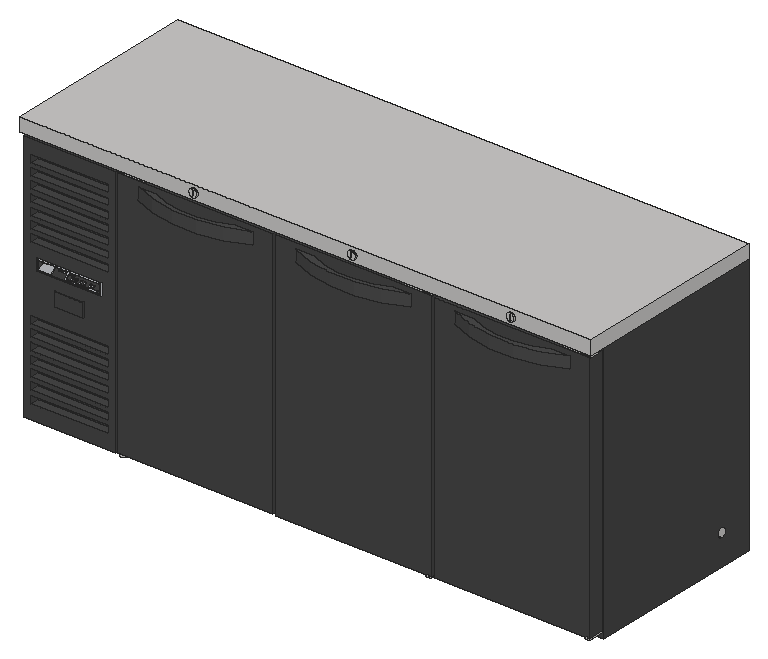
Revit family "QF_TRUE_TBR72-RISZ1-L-B-SSS-1", category Specialty Equipment, Revit 2016 (continued)
Definition of nested family "CASTORS & LEGS"
  Nested families (in)
    nested 5: "6 INCHES 02_CASTER" at (0, 0, 0), visible <- "Show 5 Inches Castors", Show Casters <- "Show 5 Inches Castors", type "6 INCHES 02_CASTER"
      with Type Mark "", Specification by User "", Show Casters yes, Revision Code "", Item Number "", Installed By "", Identify Quantity as Lot yes, Furnished By "", Foodservice Equipment Identifier yes
  Definition of nested family "3 INCHES 01_CASTER"
    Parameters (values of type "3 INCHES 01_CASTER")
      Weight = ""
      URL Manufacturer = ""
      URL Cutsheet = ""
      URL = ""
      Type Mark [instance] = ""
      Specification by User [instance] = ""
      Specification by Manufacturer = ""
      Serial Number = ""
      Seismic Rating = ""
      SMACNA No = ""
      Revision Code [instance] = ""
      Omniclass Number and Title = ""
      NAFEM Spec ID Number = ""
      Model = ""
      MasterSpec. = ""
      Manufacturer = ""
      Item Number [instance] = ""
      Installed By [instance] = ""
      Identify Quantity as Lot [instance] = yes
      Furnished By [instance] = ""
      Foodservice Equipment Identifier [instance] = yes
      Description = ""
      CSI MasterFormat = ""
      CSI Master Format = ""
      Assembly Code = ""
      3 Inches Caster [instance] = yes
    Reference planes (in)
      plane 1: z = 0
      plane 2 "RIGHT": x = 0
      plane 3 "FRONT": y = 0
      plane 4 "TOP": z = 3.125
    Forms (in)
      Revolve 1, solid, visible <- "3 Inches Caster"
        sketch origin (-1.93794, 0.56004, -1.0041) x (1, 0, 0) y (0, 0, 1)
          loop
            line (0.74055, 2.11347) -> (0.74055, 2.03797) -> (0.79055, 1.98797) -> (0.85055, 1.98797) -> (0.85055, 1.8679) -> (1.235, 1.8679) -> (1.235, 1.7068) -> (1.36441, 1.63209) -> (1.4003, 1.41035) -> (1.34375, 1.41035) -> (1.34375, 1.28535) -> (1.375, 1.28535) -> (1.375, 1.0041) -> (2.48438, 1.0041) -> (2.48438, 1.28535) -> (2.51563, 1.28535) -> (2.51563, 1.41035) -> (2.45908, 1.41035) -> (2.49553, 1.6356) -> (2.62438, 1.70999) -> (2.62438, 1.8679) -> (3.04007, 1.8679) -> (3.04007, 1.98797) -> (3.10007, 1.98797) -> (3.15007, 2.03797) -> (3.15007, 2.11347) -> (0.74055, 2.11347)
          axis (0.74055, 2.11347) -> (3.15007, 2.11347)
        angle from 0 to 360
      Extrusion 2, solid, visible <- "3 Inches Caster"
        sketch origin (-1.93794, 1.35294, -3.2541) x (0, 1, 0) y (0, 0, 1)
          loop
            line (-0.41094, 5.86793) -> (-0.41094, 6.01276) -> (-2.29494, 6.01276) -> (-2.29494, 5.71244) -> (-1.82301, 5.71244)
            arc (-1.82301, 5.71244) -> (-1.00307, 5.59865) -> (-0.19592, 5.41488) r 9.6332
            arc (-0.19592, 5.41488) -> (0.12646, 5.29481) -> (0.42224, 5.11916) r 1.92059
            line (0.42224, 5.11916) -> (0.51314, 5.245)
            arc (0.51314, 5.245) -> (0.27353, 5.42569) -> (0.01201, 5.5729) r 2.25036
            line (0.01201, 5.5729) -> (0.09371, 5.71426)
            arc (0.09371, 5.71426) -> (-0.15272, 5.81043) -> (-0.41094, 5.86793) r 1.73151
        from 1.17357 to 2.70231
      Revolve 3, solid, visible <- "3 Inches Caster"
        sketch origin (0, 1.73858, -3.25) x (0, 1, 0) y (0, 0, 1)
          loop
            line (-1.73858, 6.375) -> (-1.73858, 6.00866) -> (-0.93293, 6.00866) -> (-0.93293, 6.375) -> (-1.73858, 6.375)
          axis (-1.73858, 6.00866) -> (-1.73858, 6.375)
        angle from 0 to 360
      Extrusion 4, solid, visible <- "3 Inches Caster"
        sketch origin (-1.98481, 1.35294, -1.7541) x (0, 1, 0) y (0, 0, 1)
          loop
            line (-2.29494, 4.51276) -> (-2.29494, 4.21244) -> (-2.2074, 4.21244)
            arc (-2.2074, 4.21244) -> (-1.58796, 3.87196) -> (-1.3103, 3.22193) r 1.0835
            arc (-1.3103, 3.22193) -> (-1.27304, 2.98711) -> (-1.19616, 2.76214) r 1.38462
            arc (-1.19616, 2.76214) -> (-0.77704, 2.49744) -> (-0.37393, 2.78593) r 0.44401
            arc (-0.37393, 2.78593) -> (-0.35491, 2.84407) -> (-0.34077, 2.90358) r 0.74034
            arc (-0.34077, 2.90358) -> (-0.07302, 3.38916) -> (0.4279, 3.62699) r 0.90376
            line (0.4279, 3.62699) -> (0.51314, 3.745)
            arc (0.51314, 3.745) -> (0.27353, 3.92569) -> (0.01201, 4.0729) r 2.25036
            line (0.01201, 4.0729) -> (0.09371, 4.21426)
            arc (0.09371, 4.21426) -> (-0.15272, 4.31043) -> (-0.41094, 4.36793) r 1.73151
            line (-0.41094, 4.36793) -> (-0.41094, 4.51276) -> (-2.29494, 4.51276)
        from 2.74918 to 2.90825
      Extrusion 5, solid, visible <- "3 Inches Caster"
        sketch origin (1.98481, 1.35294, -1.7541) x (0, 1, 0) y (0, 0, -1)
          loop
            line (-2.29494, -4.51276) -> (-0.41094, -4.51276) -> (-0.41094, -4.36793)
            arc (-0.41094, -4.36793) -> (-0.15272, -4.31043) -> (0.09371, -4.21426) r 1.73151
            line (0.09371, -4.21426) -> (0.01201, -4.0729)
            arc (0.01201, -4.0729) -> (0.27353, -3.92569) -> (0.51314, -3.745) r 2.25036
            line (0.51314, -3.745) -> (0.4279, -3.62699)
            arc (0.4279, -3.62699) -> (-0.07302, -3.38916) -> (-0.34077, -2.90358) r 0.90376
            arc (-0.34077, -2.90358) -> (-0.35491, -2.84407) -> (-0.37393, -2.78593) r 0.74034
            arc (-0.37393, -2.78593) -> (-0.77704, -2.49744) -> (-1.19616, -2.76214) r 0.44401
            arc (-1.19616, -2.76214) -> (-1.27304, -2.98711) -> (-1.3103, -3.22193) r 1.38462
            arc (-1.3103, -3.22193) -> (-1.58796, -3.87196) -> (-2.2074, -4.21244) r 1.0835
            line (-2.2074, -4.21244) -> (-2.29494, -4.21244) -> (-2.29494, -4.51276)
        from 2.74918 to 2.90825
    Cuts and joins
      joined: Extrusion 2, Extrusion 4, Extrusion 5
    Lines and regions (in)
      symbolic lines, visible <- "3 Inches Caster"
        curve 1: line (0.1877, 1.65194, 0) -> (0.89063, 1.2461, 0)
        curve 2: line (-1.00175, -0.40823, 0) -> (0.1877, 1.65194, 0)
        curve 3: line (-0.29881, -0.81407, 0) -> (-1.00175, -0.40823, 0)
        curve 4: line (0.89063, 1.2461, 0) -> (-0.29881, -0.81407, 0)
    Dimensions and locks (in)
      plane 4 "TOP" to level = 3 1/8"  (x2)
      aligned and locked: level to plane 1
  Definition of nested family "HATCO_4 INCHES_CASTER"
    Parameters (values of type "HATCO_4 INCHES_CASTER")
      URL Manufacturer = ""
      URL Cutsheet = ""
      URL = ""
      Type Mark [instance] = ""
      Specification by User [instance] = ""
      Specification by Manufacturer = ""
      Serial Number = ""
      Seismic Rating = ""
      SMACNA No = ""
      Revision Code [instance] = ""
      Omniclass Number and Title = ""
      NAFEM Spec ID Number = ""
      Model = ""
      Manufacturer = ""
      Item Number [instance] = ""
      Installed By [instance] = ""
      Identify Quantity as Lot [instance] = yes
      Furnished By [instance] = ""
      Foodservice Equipment Identifier [instance] = yes
      Description = ""
      CSI MasterFormat = ""
      CSI Master Format = ""
      Assembly Code = ""
      Show 4 Inches Caster [instance] = yes
    Reference planes (in)
      plane 1: z = 0
      plane 2 "RIGHT": x = 0
      plane 3 "FRONT": y = 0
      plane 4 "TOP": z = 4
    Forms (in)
      Revolve 1, solid, visible <- "Show 4 Inches Caster"
        sketch origin (-1.93794, 0.83816, -1.0041) x (1, 0, 0) y (0, 0, 1)
          loop
            line (0.74055, 2.5041) -> (3.15007, 2.5041) -> (3.15007, 2.5796) -> (3.10007, 2.6296) -> (3.04007, 2.6296) -> (3.04007, 2.74967) -> (2.62438, 2.74967) -> (2.62438, 2.93884) -> (2.48438, 3.01967) -> (2.45908, 3.17597) -> (2.51563, 3.17597) -> (2.51563, 3.41035) -> (2.48438, 3.41035) -> (2.48438, 4.0041) -> (1.375, 4.0041) -> (1.375, 3.41035) -> (1.34375, 3.41035) -> (1.34375, 3.17597) -> (1.4003, 3.17597) -> (1.37557, 3.02318) -> (1.235, 2.94202) -> (1.235, 2.74967) -> (0.85055, 2.74967) -> (0.85055, 2.6296) -> (0.79055, 2.6296) -> (0.74055, 2.5796) -> (0.74055, 2.5041)
          axis (0.74055, 2.5041) -> (3.15007, 2.5041)
        angle from 0 to 360
      Extrusion 2, solid, visible <- "Show 4 Inches Caster"
        sketch origin (-1.93794, 1.80294, -1.7541) x (0, 1, 0) y (0, 0, 1)
          loop
            line (-3.08794, 5.33423) -> (-3.08794, 5.00584) -> (-2.69466, 5.00584)
            arc (-2.69466, 5.00584) -> (-1.57175, 4.94895) -> (-0.46376, 4.75787) r 9.36411
            arc (-0.46376, 4.75787) -> (-0.05889, 4.58436) -> (0.28335, 4.30705) r 1.60049
            line (0.28335, 4.30705) -> (0.34449, 4.39437)
            arc (0.34449, 4.39437) -> (0.12713, 4.6163) -> (-0.1239, 4.79931) r 1.8753
            line (-0.1239, 4.79931) -> (-0.05749, 4.91421)
            arc (-0.05749, 4.91421) -> (-0.33807, 5.05694) -> (-0.64294, 5.13542) r 1.44292
            line (-0.64294, 5.13542) -> (-0.64294, 5.33423) -> (-3.08794, 5.33423)
        from 1.1267 to 2.74918
      Revolve 3, solid, visible <- "Show 4 Inches Caster"
        sketch origin (0, 2.15543, -2.25) x (0, 1, 0) y (0, 0, 1)
          loop
            line (-2.21793, 6.25) -> (-2.21793, 5.83014) -> (-1.05793, 5.83014) -> (-1.05793, 6.25) -> (-2.21793, 6.25)
          axis (-2.21793, 5.83014) -> (-2.21793, 6.25)
        angle from 0 to 360
      Extrusion 4, solid, visible <- "Show 4 Inches Caster"
        sketch origin (-1.93794, 1.80294, -1.7541) x (0, 1, 0) y (0, 0, 1)
          loop
            line (-3.08794, 5.33423) -> (-3.08794, 5.00584) -> (-2.8913, 5.00584)
            arc (-2.8913, 5.00584) -> (-2.09118, 4.14057) -> (-1.45681, 3.14736) r 6.63355
            arc (-1.45681, 3.14736) -> (-0.85703, 2.75969) -> (-0.4561, 3.35069) r 0.5107
            arc (-0.4561, 3.35069) -> (-0.27092, 3.92503) -> (0.24034, 4.24562) r 0.88136
            line (0.24034, 4.24562) -> (0.34449, 4.39437)
            arc (0.34449, 4.39437) -> (0.12713, 4.6163) -> (-0.1239, 4.79931) r 1.8753
            line (-0.1239, 4.79931) -> (-0.05749, 4.91421)
            arc (-0.05749, 4.91421) -> (-0.33807, 5.05694) -> (-0.64294, 5.13542) r 1.44292
            line (-0.64294, 5.13542) -> (-0.64294, 5.33423) -> (-3.08794, 5.33423)
        from 2.74918 to 2.90825
      Extrusion 5, solid, visible <- "Show 4 Inches Caster"
        sketch origin (1.93794, 1.80294, -1.7541) x (0, 1, 0) y (0, 0, -1)
          loop
            line (-3.08794, -5.33423) -> (-0.64294, -5.33423) -> (-0.64294, -5.13542)
            arc (-0.64294, -5.13542) -> (-0.33807, -5.05694) -> (-0.05749, -4.91421) r 1.44292
            line (-0.05749, -4.91421) -> (-0.1239, -4.79931)
            arc (-0.1239, -4.79931) -> (0.12713, -4.6163) -> (0.34449, -4.39437) r 1.8753
            line (0.34449, -4.39437) -> (0.24034, -4.24562)
            arc (0.24034, -4.24562) -> (-0.27092, -3.92503) -> (-0.4561, -3.35069) r 0.88136
            arc (-0.4561, -3.35069) -> (-0.85703, -2.75969) -> (-1.45681, -3.14736) r 0.5107
            arc (-1.45681, -3.14736) -> (-2.09118, -4.14057) -> (-2.8913, -5.00584) r 6.63355
            line (-2.8913, -5.00584) -> (-3.08794, -5.00584) -> (-3.08794, -5.33423)
        from 2.74918 to 2.90825
    Cuts and joins
      joined: Extrusion 2, Extrusion 4, Extrusion 5
    Lines and regions (in)
      symbolic lines, visible <- "Show 4 Inches Caster"
        curve 1: line (0.28481, 2.83041, 0) -> (1.24556, 2.27572, 0)
        curve 2: line (-1.26206, 0.15114, 0) -> (-0.69281, 1.13711, 0)
        curve 3: line (-0.30132, -0.40355, 0) -> (-1.26206, 0.15114, 0)
        curve 4: line (1.24556, 2.27572, 0) -> (0.69868, 1.3285, 0)
        curve 5: line (-0.2461, 1.91084, 0) -> (0.28481, 2.83041, 0)
        curve 6: line (0.19868, 0.46248, 0) -> (-0.30132, -0.40355, 0)
    Dimensions and locks (in)
      plane 4 "TOP" to level = 4"  (x2)
      aligned and locked: level to plane 1
  Definition of nested family "5 INCHES 01_CASTER"
    Parameters (values of type "5 INCHES 01_CASTER")
      Weight = ""
      URL Manufacturer = ""
      URL Cutsheet = ""
      URL = ""
      Type Mark [instance] = ""
      Specification by User [instance] = ""
      Specification by Manufacturer = ""
      Show 5" Casters [instance] = yes
      Serial Number = ""
      Seismic Rating = ""
      SMACNA No = ""
      Revision Code [instance] = ""
      Omniclass Number and Title = ""
      NAFEM Spec ID Number = ""
      Model = ""
      MasterSpec. = ""
      Manufacturer = ""
      Key Locks [instance] = yes
      Item Number [instance] = ""
      Installed By [instance] = ""
      Identify Quantity as Lot [instance] = yes
      Furnished By [instance] = ""
      Foodservice Equipment Identifier [instance] = yes
      Description = ""
      CSI MasterFormat = ""
      CSI Master Format = ""
      Assembly Code = ""
    Reference planes (in)
      plane 1: z = 0
      plane 2 "RIGHT": x = 0
      plane 3 "FRONT": y = 0
      plane 4 "TOP": z = 5
    Forms (in)
      Revolve 1, solid, visible <- "Show 5" Casters"
        sketch origin (-1.93794, 0.99859, -1.0041) x (1, 0, 0) y (0, 0, 1)
          loop
            line (0.74055, 3.0041) -> (0.74055, 2.9286) -> (0.79055, 2.8786) -> (0.85055, 2.8786) -> (0.85055, 2.75852) -> (1.235, 2.75852) -> (1.235, 2.56618) -> (1.37557, 2.48502) -> (1.49133, 1.76972) -> (1.34375, 1.76972) -> (1.34375, 1.53535) -> (1.375, 1.53535) -> (1.375, 1.0041) -> (2.48438, 1.0041) -> (2.48438, 1.53535) -> (2.51563, 1.53535) -> (2.51563, 1.76972) -> (2.36805, 1.76972) -> (2.48438, 2.48853) -> (2.62438, 2.56936) -> (2.62438, 2.75852) -> (3.04007, 2.75852) -> (3.04007, 2.8786) -> (3.10007, 2.8786) -> (3.15007, 2.9286) -> (3.15007, 3.0041) -> (0.74055, 3.0041)
          axis (0.74055, 3.0041) -> (3.15007, 3.0041)
        angle from 0 to 360
      Extrusion 2, solid, visible <- "Show 5" Casters"
        sketch origin (-1.93794, 1.96337, -0.7541) x (0, 1, 0) y (0, 0, 1)
          loop
            line (-3.37739, 5.33423) -> (-3.37739, 4.92712) -> (-2.49294, 4.92712)
            arc (-2.49294, 4.92712) -> (-1.47209, 4.91752) -> (-0.46376, 4.75787) r 6.92153
            arc (-0.46376, 4.75787) -> (0.14199, 4.53396) -> (0.67481, 4.16904) r 2.62713
            line (0.67481, 4.16904) -> (0.7876, 4.33012)
            arc (0.7876, 4.33012) -> (0.48098, 4.5674) -> (0.13288, 4.73811) r 1.91675
            line (0.13288, 4.73811) -> (0.21197, 4.87494)
            arc (0.21197, 4.87494) -> (-0.1576, 5.02102) -> (-0.54934, 5.08775) r 1.91675
            line (-0.54934, 5.08775) -> (-0.54934, 5.33423) -> (-3.37739, 5.33423)
        from 1.17357 to 2.70231
      Revolve 3, solid, visible <- "Show 5" Casters"
        sketch origin (0, 2.15543, -1.25) x (0, 1, 0) y (0, 0, 1)
          loop
            line (-2.21793, 6.25) -> (-2.21793, 5.83014) -> (-1.05793, 5.83014) -> (-1.05793, 6.25) -> (-2.21793, 6.25)
          axis (-2.21793, 5.83014) -> (-2.21793, 6.25)
        angle from 0 to 360
      Extrusion 4, solid, visible <- "Show 5" Casters"
        sketch origin (-1.98481, 1.96337, -0.7541) x (0, 1, 0) y (0, 0, 1)
          loop
            line (-3.37739, 5.33423) -> (-3.37739, 4.92712) -> (-3.13361, 4.92712)
            arc (-3.13361, 4.92712) -> (-2.12623, 3.92533) -> (-1.55834, 2.62307) r 3.79122
            arc (-1.55834, 2.62307) -> (-0.81477, 2.14247) -> (-0.31772, 2.87515) r 0.63314
            arc (-0.31772, 2.87515) -> (-0.02244, 3.67728) -> (0.68637, 4.15498) r 1.39003
            line (0.68637, 4.15498) -> (0.7876, 4.33012)
            arc (0.7876, 4.33012) -> (0.48098, 4.5674) -> (0.13288, 4.73811) r 1.91675
            line (0.13288, 4.73811) -> (0.21197, 4.87494)
            arc (0.21197, 4.87494) -> (-0.1576, 5.02102) -> (-0.54934, 5.08775) r 1.91675
            line (-0.54934, 5.08775) -> (-0.54934, 5.33423) -> (-3.37739, 5.33423)
        from 2.74918 to 2.90825
      Extrusion 5, solid, visible <- "Show 5" Casters"
        sketch origin (1.98481, 1.96337, -0.7541) x (0, 1, 0) y (0, 0, -1)
          loop
            line (-3.37739, -5.33423) -> (-0.54934, -5.33423) -> (-0.54934, -5.08775)
            arc (-0.54934, -5.08775) -> (-0.1576, -5.02102) -> (0.21197, -4.87494) r 1.91675
            line (0.21197, -4.87494) -> (0.13288, -4.73811)
            arc (0.13288, -4.73811) -> (0.48098, -4.5674) -> (0.7876, -4.33012) r 1.91675
            line (0.7876, -4.33012) -> (0.68637, -4.15498)
            arc (0.68637, -4.15498) -> (-0.02244, -3.67728) -> (-0.31772, -2.87515) r 1.39003
            arc (-0.31772, -2.87515) -> (-0.81477, -2.14247) -> (-1.55834, -2.62307) r 0.63314
            arc (-1.55834, -2.62307) -> (-2.12623, -3.92533) -> (-3.13361, -4.92712) r 3.79122
            line (-3.13361, -4.92712) -> (-3.37739, -4.92712) -> (-3.37739, -5.33423)
        from 2.74918 to 2.90825
    Cuts and joins
      joined: Extrusion 2, Extrusion 4, Extrusion 5
    Lines and regions (in)
      symbolic lines, visible <- "Show 5" Casters"
        curve 1: line (0.54262, 2.21348, 0) -> (1.50337, 1.65879, 0)
        curve 2: line (-1.45738, -1.25062, 0) -> (-0.70738, 0.04842, 0)
        curve 3: line (-0.49663, -1.80531, 0) -> (-1.45738, -1.25062, 0)
        curve 4: line (1.50337, 1.65879, 0) -> (0.75337, 0.35975, 0)
        curve 5: line (-0.20738, 0.91444, 0) -> (0.54262, 2.21348, 0)
        curve 6: line (0.25337, -0.50627, 0) -> (-0.49663, -1.80531, 0)
    Dimensions and locks (in)
      plane 4 "TOP" to level = 5"  (x2)
      aligned and locked: level to plane 1
  Definition of nested family "7-8 INCHES_CASTER"
    Parameters (values of type "7-8 INCHES_CASTER")
      Weight = ""
      URL Manufacturer = ""
      URL Cutsheet = ""
      URL = ""
      Type Mark [instance] = ""
      Specification by User [instance] = ""
      Specification by Manufacturer = ""
      Serial Number = ""
      Seismic Rating = ""
      SMACNA No = ""
      Revision Code [instance] = ""
      Omniclass Number and Title = ""
      NAFEM Spec ID Number = ""
      Model = ""
      MasterSpec. = ""
      Manufacturer = ""
      Item Number [instance] = ""
      Installed By [instance] = ""
      Identify Quantity as Lot [instance] = yes
      Furnished By [instance] = ""
      Foodservice Equipment Identifier [instance] = yes
      Description = ""
      CSI MasterFormat = ""
      CSI Master Format = ""
      Assembly Code = ""
      2.5 Inches Caster [instance] = yes
    Reference planes (in)
      plane 1: z = 0
      plane 2 "RIGHT": x = 0
      plane 3 "FRONT": y = 0
      plane 4 "TOP": z = 2.125
      plane 5: z = 0.875
    Forms (in)
      Revolve 1, solid, visible <- "2.5 Inches Caster"
        sketch origin (-1.93794, 0.16358, -1.0041) x (1, 0, 0) y (0, 0, 1)
          loop
            line (2.21963, 1.0041) -> (2.21963, 1.07441) -> (2.16308, 1.07441) -> (2.17665, 1.15827) -> (2.27369, 1.21429) -> (2.27369, 1.29531) -> (1.60219, 1.29531) -> (1.60219, 1.21429) -> (1.69923, 1.15827) -> (1.7128, 1.07441) -> (1.65625, 1.07441) -> (1.65625, 1.0041) -> (2.21963, 1.0041)
          axis (2.27369, 1.29531) -> (1.60219, 1.29531)
        angle from 0 to 360
      Extrusion 2, solid, visible <- "2.5 Inches Caster"
        sketch origin (-1.93794, 1.43296, -4.66527) x (0, 1, 0) y (0, 0, 1)
          loop
            line (-1.16673, 5.3791) -> (-1.71584, 5.3791) -> (-1.71584, 5.33314) -> (-1.62354, 5.33314)
            arc (-1.62354, 5.33314) -> (-1.55924, 5.29737) -> (-1.50495, 5.24769) r 0.31579
            line (-1.50495, 5.24769) -> (-0.93687, 5.24769)
            arc (-0.93687, 5.24769) -> (-0.98865, 5.28224) -> (-1.04346, 5.31172) r 0.65588
            line (-1.04346, 5.31172) -> (-1.01965, 5.35291)
            arc (-1.01965, 5.35291) -> (-1.09203, 5.3725) -> (-1.16673, 5.3791) r 0.4262
        from 1.60219 to 2.27369
      Revolve 3, solid, visible <- "2.5 Inches Caster"
        sketch origin (0, 1.73858, -5) x (0, 1, 0) y (0, 0, 1)
          loop
            line (-1.73858, 5.71382) -> (-1.35578, 5.71382) -> (-1.35578, 5.875) -> (-1.73858, 5.875) -> (-1.73858, 5.71382)
          axis (-1.73858, 5.71382) -> (-1.73858, 5.875)
        angle from 0 to 360
      Extrusion 4, solid, visible <- "2.5 Inches Caster"
        sketch origin (0.33575, 1.43296, -4.66527) x (0, 1, 0) y (0, 0, 1)
          loop
            line (-1.71584, 5.3791) -> (-1.71584, 5.33314) -> (-1.62354, 5.33314)
            arc (-1.62354, 5.33314) -> (-1.48788, 5.22611) -> (-1.42886, 5.06369) r 0.31579
            arc (-1.42886, 5.06369) -> (-1.418, 4.99525) -> (-1.39559, 4.92968) r 0.40356
            arc (-1.39559, 4.92968) -> (-1.27344, 4.85253) -> (-1.15595, 4.93662) r 0.12941
            arc (-1.15595, 4.93662) -> (-1.1504, 4.95356) -> (-1.14628, 4.97091) r 0.21578
            arc (-1.14628, 4.97091) -> (-1.06824, 5.11243) -> (-0.92225, 5.18175) r 0.26341
            line (-0.92225, 5.18175) -> (-0.8974, 5.21614)
            arc (-0.8974, 5.21614) -> (-0.96724, 5.26881) -> (-1.04346, 5.31172) r 0.65588
            line (-1.04346, 5.31172) -> (-1.01965, 5.35291)
            arc (-1.01965, 5.35291) -> (-1.09203, 5.3725) -> (-1.16673, 5.3791) r 0.4262
            line (-1.16673, 5.3791) -> (-1.71584, 5.3791)
        from 0 to 0.0625
      Extrusion 5, solid, visible <- "2.5 Inches Caster"
        sketch origin (-0.33575, 1.43296, -4.66527) x (0, -1, 0) y (0, 0, 1)
          loop
            line (1.71584, 5.3791) -> (1.16673, 5.3791)
            arc (1.16673, 5.3791) -> (1.09203, 5.3725) -> (1.01965, 5.35291) r 0.4262
            line (1.01965, 5.35291) -> (1.04346, 5.31172)
            arc (1.04346, 5.31172) -> (0.96724, 5.26881) -> (0.8974, 5.21614) r 0.65588
            line (0.8974, 5.21614) -> (0.92225, 5.18175)
            arc (0.92225, 5.18175) -> (1.06824, 5.11243) -> (1.14628, 4.97091) r 0.26341
            arc (1.14628, 4.97091) -> (1.1504, 4.95356) -> (1.15595, 4.93662) r 0.21578
            arc (1.15595, 4.93662) -> (1.27344, 4.85253) -> (1.39559, 4.92968) r 0.12941
            arc (1.39559, 4.92968) -> (1.418, 4.99525) -> (1.42886, 5.06369) r 0.40356
            arc (1.42886, 5.06369) -> (1.48788, 5.22611) -> (1.62354, 5.33314) r 0.31579
            line (1.62354, 5.33314) -> (1.71584, 5.33314) -> (1.71584, 5.3791)
        from 0 to 0.0625
    Lines and regions (in)
      symbolic lines, visible <- "2.5 Inches Caster"
        curve 1: line (0.14193, 0.81567, 0) -> (0.64448, 0.52552, 0)
        curve 2: line (-0.51849, -0.32822, 0) -> (0.14193, 0.81567, 0)
        curve 3: line (-0.01594, -0.61837, 0) -> (-0.51849, -0.32822, 0)
        curve 4: line (0.64448, 0.52552, 0) -> (-0.01594, -0.61837, 0)
    Dimensions and locks (in)
      plane 4 "TOP" to level = 2 1/8"  (x2)
      plane 5 to plane 1 = 7/8"
      aligned and locked: level to plane 1
  Definition of nested family "6 INCHES 02_CASTER"
    Parameters (values of type "6 INCHES 02_CASTER")
      Weight = ""
      URL Manufacturer = ""
      URL Cutsheet = ""
      URL = ""
      Type Mark [instance] = ""
      Specification by User [instance] = ""
      Specification by Manufacturer = ""
      Show Casters [instance] = yes
      Serial Number = ""
      Seismic Rating = ""
      SMACNA No = ""
      Revision Code [instance] = ""
      Omniclass Number and Title = ""
      NAFEM Spec ID Number = ""
      Model = ""
      MasterSpec. = ""
      Manufacturer = ""
      Item Number [instance] = ""
      Installed By [instance] = ""
      Identify Quantity as Lot [instance] = yes
      Furnished By [instance] = ""
      Foodservice Equipment Identifier [instance] = yes
      Description = ""
      CSI MasterFormat = ""
      CSI Master Format = ""
    Reference planes (in)
      plane 1 "BACK": y = 0
      plane 2: z = 0
      plane 3 "LEFT": x = 0
      plane 4 "RIGHT": x = 0
      plane 5 "FRONT": y = 0
      plane 6 "TOP": z = 6.0625
    Forms (in)
      Revolve 1, solid, visible <- "Show Casters"
        sketch origin (-2.21793, 0, -0.25) x (-1, 0, 0) y (0, 0, 1)
          loop
            line (-2.21793, 6) -> (-2.21793, 5.55584) -> (-0.93693, 5.55584) -> (-0.93693, 6) -> (-2.21793, 6)
          axis (-2.21793, 5.55584) -> (-2.21793, 6)
        angle from 0 to 360
      Extrusion 2, solid, visible <- "Show Casters"
        sketch origin (0.25594, 2.08988, -0.1875) x (0, 1, 0) y (0, 0, 1)
          loop
            line (-3.37793, 5.49334) -> (-3.37793, 5.24334) -> (-1.67236, 2.30765)
            arc (-1.67236, 2.30765) -> (-0.65502, 1.97635) -> (-0.25363, 2.96812) r 0.78437
            line (-0.25363, 2.96812) -> (-0.80182, 5.49334) -> (-3.37793, 5.49334)
        from 0.78968 to 0.90247
      Extrusion 3, solid, visible <- "Show Casters"
        sketch origin (0, 0, 5.75) x (0, 1, 0) y (-1, 0, 0)
          loop
            circle (0, 0) r 0.75
        from 0 to 0.3125
      Extrusion 4, solid, visible <- "Show Casters"
        sketch origin (-0.25594, 2.08988, -0.1875) x (0, 1, 0) y (0, 0, -1)
          loop
            line (-3.37793, -5.24334) -> (-3.37793, -5.49334) -> (-0.80182, -5.49334) -> (-0.25363, -2.96812)
            arc (-0.25363, -2.96812) -> (-0.65502, -1.97635) -> (-1.67236, -2.30765) r 0.78437
            line (-1.67236, -2.30765) -> (-3.37793, -5.24334)
        from 0.78968 to 0.90247
      Extrusion 5, solid, visible <- "Show Casters"
        sketch origin (0, -0.12806, 0.75) x (0, 1, 0) y (0, 0, 1)
          loop
            line (-1.16, 4.55584) -> (-1.16, 4.30584) -> (1.41611, 4.30584) -> (1.41611, 4.55584) -> (-1.16, 4.55584)
        from -1.04562 to 1.04562
      Revolve 6, solid, visible <- "Show Casters"
        sketch origin (-1.9375, 1.11772, -0.12802) x (1, 0, 0) y (0, 0, 1)
          loop
            line (0.5843, 2.5666) -> (0.5843, 2.4286) -> (0.6343, 2.3786) -> (0.6943, 2.3786) -> (0.6943, 2.2429) -> (1.1725, 2.2429) -> (1.1725, 1.84743) -> (1.30191, 1.77271) -> (1.42647, 1.00302) -> (1.28125, 1.00302) -> (1.28125, 0.75302) -> (1.3125, 0.75302) -> (1.3125, 0.50302)
            arc (1.3125, 0.50302) -> (1.42233, 0.23785) -> (1.6875, 0.12802) r 0.375
            line (1.6875, 0.12802) -> (2.1875, 0.12802)
            arc (2.1875, 0.12802) -> (2.45267, 0.23785) -> (2.5625, 0.50302) r 0.375
            line (2.5625, 0.50302) -> (2.5625, 0.75302) -> (2.59375, 0.75302) -> (2.59375, 1.00302) -> (2.44853, 1.00302) -> (2.57366, 1.77622) -> (2.7025, 1.85061) -> (2.7025, 2.2429) -> (3.1807, 2.2429) -> (3.1807, 2.3786) -> (3.2407, 2.3786) -> (3.2907, 2.4286) -> (3.2907, 2.5666) -> (0.5843, 2.5666)
          axis (0.5843, 2.5666) -> (3.2907, 2.5666)
        angle from 0 to 360
    Cuts and joins
      joined: Extrusion 2, Extrusion 4, Extrusion 5
    Lines and regions (in)
      symbolic lines, visible <- "Show Casters"
        curve 1: line (0.45873, 2.04243, 0) -> (1.54127, 1.41743, 0)
        curve 2: line (-1.54127, -1.42167, 0) -> (-0.79127, -0.12263, 0)
        curve 3: line (-0.45873, -2.04667, 0) -> (-1.54127, -1.42167, 0)
        curve 4: line (1.54127, 1.41743, 0) -> (0.79127, 0.11839, 0)
        curve 5: line (-0.29127, 0.74339, 0) -> (0.45873, 2.04243, 0)
        curve 6: line (0.29127, -0.74763, 0) -> (-0.45873, -2.04667, 0)
    Dimensions and locks (in)
      plane 6 "TOP" to level = 6 1/16"
      locked: plane 6 "TOP" to level at 6.0625
      aligned and locked: level to plane 2
